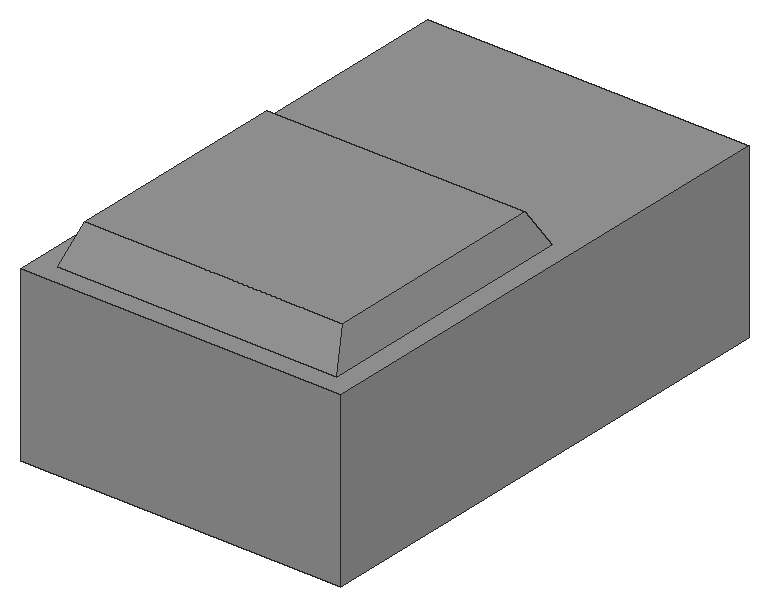
Revit family "ElectricalEquipment_Hager_Design10_GarageUnit_2Way", category Electrical Equipment, host Face, Revit 2015
Parameters (values of type "VML24H")
  _DistributedBy = "www.bimstore.co.uk"
  _CurrentRevision = 0
  _CreatedBy = "MajentaSolutions"
  _BimstoreBibleVersion = "V15"
  _BimSpecGuid = 0
  _Author = "MajentaSolutions"
  WarrantyStartDate [instance] = ""
  WarrantyGuarantorParts = "2"
  WarrantyGuarantorLabor = ""
  WarrantyDurationUnit = "Years"
  WarrantyDurationParts = 2
  WarrantyDurationLabor = 0
  WarrantyDescription = "See Manufacturer"
  Voltage = "230V"
  URL = "http://www.hager.co.uk/"
  TypeName = Category  # "ElectricalEquipment"
  Type Comments = Model  # "VML24H"
  TagNumber [instance] = ""
  SustainabilityPerformance = ""
  Size = ""
  built-in parameter 1140080 [instance] = "16kA"
  Shape = "Rectangular"
  ServiceLifeDuration = 0
  SerialNumber [instance] = ""
  ReplacementCost = 0
  NominalWidth = 155 mm
  NominalLength = 246 mm
  NominalHeight = 100 mm
  NominalDepth = 0 mm
  Neutral Rating = 1  # 100.00%
  NBSReference = ClassificationValue  # "Pr_80_77_28_16"
  NBSOfficeMasterTag = "n/a"
  NBSObjectName = "Hager_GarageCU_VML24H"
  NBSNote = ""
  NBSDescription = Category  # "ElectricalEquipment"
  built-in parameter 1140081 [instance] = "ElectricalEquipment"
  ModelReference = ""
  ModelNumber = ""
  ModelLabel = ""
  Model = "VML24H"
  built-in parameter 1140079 [instance] = (empty or 0)
  Material = "MildSteel,ABS,AcousticComposite"
  ManufacturerName = Manufacturer  # "Hager"
  Manufacturer = "Hager"
  Mains Type = "AC"
  Keynote = "V"
  InstallationDate [instance] = ""
  IfcExportType = ""
  IfcExportAs = "ElectricalEquipment"
  Grade = ""
  Finish = ""
  Features = Description  # "2Way_MetalGarage_CU_40A_RCCB"
  ExpectedLife = 10
  EAN = "3250610841839"
  DurationUnit = "Years"
  DocumentationTechnical = "http://www.hager.co.uk/product-catalogue/energy-distribution/consumer-units/design-range-of-consumer-units/design-10/51386.htm"
  DocumentationMaintenance = ""
  DocumentationLiterature = "http://www.hager.co.uk/product-catalogue/energy-distribution/consumer-units/design-range-of-consumer-units/design-10/51386.htm"
  DocumentationInstallationGuide = ""
  DocumentationCertificates = ""
  Description = "2Way_MetalGarage_CU_40A_RCCB"
  Default Elevation = 500 mm
  CreatedOn = "22.06.17"
  CreatedBy = "MajentaSolutions"
  Constituents = ""
  Colour = "RAL 9010 White Gloss"
  CodePerformance = ""
  ClassificationValue = "Pr_80_77_28_16"
  ClassificationName = "Uniclass2015"
  Category = "ElectricalEquipment"
  BarCode [instance] = ""
  BIMObjectName = "Hager_ElectricalEquipment_GarageCU_VML24H"
  AssetType = "Fixed"
  AssetIdentifier [instance] = ""
  Assembly Code = "D5010"
  AccessibilityPerformance = ""
Reference planes
  plane 1 "Center (Front/Back)": y = 0
  plane 2: z = 0
  plane 3 "Center (Left/Right)": x = 0
  plane 4: x = 77.5
  plane 5: x = -77.5
  plane 6: y = -123
  plane 7: y = 123
  plane 8: z = 83
  plane 9: z = 100
  plane 10: y = 17.016
  plane 11: x = -30
  plane 12: x = 30
Forms (mm)
  Extrusion 1, solid, material "MildSteel,ABS,AcousticComposite", detail levels medium+fine
    sketch origin (0, 0, 0) x (1, 0, 0) y (0, 1, 0)
      loop
        line (-77.5, 123) -> (-77.5, -123) -> (77.5, -123) -> (77.5, 123) -> (-77.5, 123)
    from 0 to 83
  Blend 2, solid, material "MildSteel,ABS,AcousticComposite", detail levels fine
    base sketch origin (0, 0, 0) x (1, 0, 0) y (0, 1, 0)
      loop
        line (-67.5, 17.016) -> (-67.5, -113) -> (67.5, -113) -> (67.5, 17.016) -> (-67.5, 17.016)
    top sketch origin (0, 0, 0) x (1, 0, 0) y (0, 1, 0)
      loop
        line (62.5, 7.016) -> (-62.5, 7.016) -> (-62.5, -103) -> (62.5, -103) -> (62.5, 7.016)
    from 83 to 100
  Extrusion 3, solid
    sketch origin (0, 0, 0) x (1, 0, 0) y (0, 1, 0)
      loop
        circle (-30, 17.016) r 5
      loop
        circle (30, 17.016) r 5
    from 0 to -1
Lines and regions (mm)
  reference lines
    curve 1: line (-67.5, 24.616, 0) -> (-67.5, -113, 0)
    curve 2: line (-67.5, -113, 0) -> (67.5, -113, 0)
    curve 3: line (67.5, -113, 0) -> (67.5, 29.616, 0)
    curve 12: line (-62.5, 7.016, 0) -> (-62.5, -103, 0)
    curve 13: line (-62.5, -103, 0) -> (62.5, -103, 0)
    curve 14: line (62.5, -103, 0) -> (62.5, 7.016, 0)
    curve 15: line (62.5, 7.016, 0) -> (-62.5, 7.016, 0)
  model lines
    curve 4: line (-77.5, 123, 0) -> (-77.5, -123, 0)
    curve 5: line (77.5, 123, 0) -> (77.5, -123, 0)
    curve 6: line (77.5, -123, 0) -> (-77.5, -123, 0)
    curve 7: line (77.5, 123, 0) -> (-77.5, 123, 0)
    curve 8: line (-67.5, 17.016, 0) -> (-67.5, -113, 0)
    curve 9: line (-67.5, 17.016, 0) -> (67.5, 17.016, 0)
    curve 10: line (67.5, -113, 0) -> (67.5, 17.016, 0)
    curve 11: line (-67.5, -113, 0) -> (67.5, -113, 0)
  symbolic lines, style "ElectricalEquipment", detail levels coarse
    curve 16: line (-77.5, 0, 111.267) -> (77.5, 0, 111.267)
    curve 17: line (-77.5, 0, 6.267) -> (-77.5, 0, 111.267)
    curve 18: line (77.5, 0, 6.267) -> (-77.5, 0, 6.267)
    curve 19: line (77.5, 0, 111.267) -> (77.5, 0, 6.267)
    curve 20: line (-77.5, 0, 111.267) -> (77.5, 0, 6.267)
Dimensions and locks
  equal spacing: plane 5, plane 3 "Center (Left/Right)", plane 4
  "NominalWidth": plane 5 to plane 4
  equal spacing: plane 6, plane 1 "Center (Front/Back)", plane 7
  "NominalLength": plane 6 to plane 7
  "NominalHeight": plane 9 to plane 2
  locked: curve 3 to plane 4 at 10
  locked: plane 5 to curve 1 at 10
  locked: plane 6 to curve 2 at 10
  plane 9 to plane 8 = 17 mm
  aligned and locked: plane 2 to host face
  aligned and locked: level to host face
  aligned and locked: Extrusion 1 sketch curve to plane 5
  aligned and locked: Extrusion 1 sketch curve to plane 6
  aligned and locked: Extrusion 1 sketch curve to plane 4
  aligned and locked: Extrusion 1 sketch curve to plane 7
  aligned and locked: plane 8 to Extrusion 1
  aligned and locked: curve 4 to plane 5
  aligned and locked: curve 5 to plane 4
  aligned and locked: curve 6 to plane 6
  aligned and locked: curve 7 to plane 7
  aligned and locked: curve 1 to curve 8
  aligned and locked: curve 9 to plane 10
  aligned and locked: curve 10 to curve 3
  aligned and locked: curve 11 to curve 2
  aligned and locked: curve 1 to Blend 2 sketch curve
  aligned and locked: Blend 2 sketch curve to curve 2
  aligned and locked: Blend 2 sketch curve to curve 10
  aligned and locked: Blend 2 sketch curve to plane 10
  aligned and locked: Blend 2 sketch curve to curve 15
  aligned and locked: Blend 2 sketch curve to curve 12
  aligned and locked: Blend 2 sketch curve to curve 13
  aligned and locked: Blend 2 sketch curve to curve 14
  aligned and locked: Blend 2 to plane 8
  aligned and locked: plane 9 to Blend 2
  aligned and locked: Blend 2 to Extrusion 1
Automatic sketch dimensions
  host sketch curve to host sketch curve = 2438.4 mm  (x2)
  plane 10 to curve 1 = 7.601 mm
  plane 10 to curve 3 = 12.601 mm
  plane 5 to curve 12 = 15 mm
  curve 14 to plane 1 "Center (Front/Back)" = 7.016 mm
  curve 14 to plane 4 = 15 mm
  curve 14 to plane 6 = 20 mm
  Extrusion 3 sketch curve to plane 10 = 0 mm  (x2)
  Extrusion 3 sketch curve to plane 11 = 0 mm
  Extrusion 3 sketch curve to plane 12 = 0 mm
  curve 16 to plane 5 = 0 mm
  curve 19 to plane 4 = 0 mm
  level to curve 18 = 6.267 mm
  plane 9 to curve 19 = 11.267 mm
  radius of Extrusion 3 sketch curve = 5 mm  (x2)
Connectors
  electrical at (-30, 17.016, -1)
    settings: on Extrusion 3, index 2, voltage 230 V, apparent load 0 VA, apparent load phase1 0 VA, apparent load phase2 0 VA, apparent load phase3 0 VA, power factor 1, load classification "Other", number of poles 1, system type 30, power factor state 1, is connector primary yes, connector utility no, sub classification motor no, connector description ""
  electrical at (30, 17.016, -1)
    settings: on Extrusion 3, index 3, voltage 230 V, apparent load 0 VA, apparent load phase1 0 VA, apparent load phase2 0 VA, apparent load phase3 0 VA, power factor 1, load classification "Other", number of poles 1, system type 30, power factor state 1, is connector primary no, connector utility no, sub classification motor no, connector description ""
